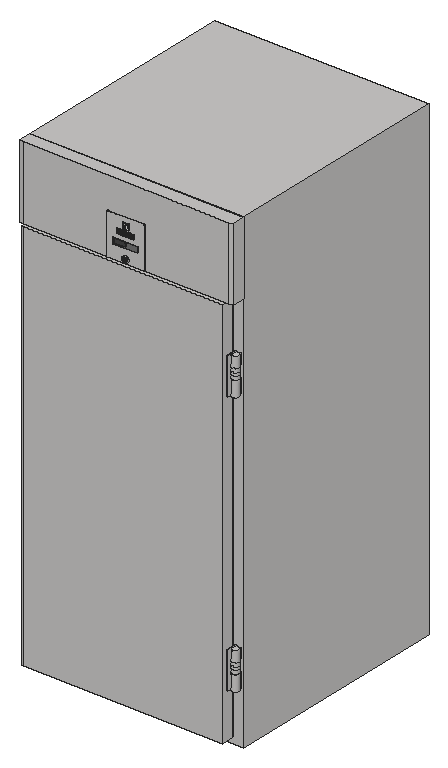
Revit family "QF_ELECTROLUXPROFESSIONAL_725101_RI16R1FR", category Specialty Equipment, Revit 2018
Family settings
  Round Connector Dimension = Use Diameter
  Part Type = Normal
  Work Plane-Based = No
  Always vertical = Yes
  Cut with Voids When Loaded = No
  Shared = No
  Room Calculation Point = No
Parameters (values of type "Standard")
  Weight = 180.00 kg
  Watts = 0 W
  Volts = 220 V
  URL Manufacturer = "http://professional.electrolux.com"
  URL = "http://professional.electrolux.com"
  Steam Supply Size = 0 mm
  Steam Supply Minimum Pressure = 0.0 Pa
  Steam Supply Maximum Pressure = 0.0 Pa
  Steam Pounds per Hour = 0
  Refrigeration Suction Line Size = 0.031 mm
  Refrigeration Liquid Line Size = 0.02 mm
  Refrigerant Compressor Remote = yes
  Manufacturer = "Electrolux Professional"
  Phase = 1
  Model = "RI16R1FR"
  Length Actual = 1021 mm  # constant formula
  Item Number = "725101"
  Hot Water Size = 0 mm
  Height Actual = 2273 mm  # constant formula
  HP = "0.3 HP"
  Gas Size = 0 mm
  Gas KW = 0
  Gas Input Pressure = 0 W
  Direct Waste Size = 0 mm
  Description = "1-DOOR ROLL-IN REFRIGERATOR 1600L +2°C/+10°C REMOTE"
  Depth Actual = 1175 mm  # constant formula
  Cycle = 60 Hz
  Condensate Return Size = 0 mm
  Compressed Air Volume = 0.0 L/s
  Compressed Air Size = 0 mm
  Compressed Air Pressure = 0.0 Pa
  Cold Water Size = 0 mm
  Accessory = yes
Types (2, lengths in mm): name | URL | Manufacturer | Phase | Model | Description
  (no name) | 0 | 0 | 0 | 0 | 0
  Standard | "http://professional.electrolux.com" | "Electrolux Professional" | 1 | "RI16R1FR" | "1-DOOR ROLL-IN REFRIGERATOR 1600L +2°C/+10°C REMOTE"
Values of the unnamed type that differ from the named types
  Volts = 0 V
  URL Manufacturer = ""
  Item Number = ""
  Cycle = 0 Hz
Reference planes
  plane 1 "Center (Front/Back)": y = 0
  plane 2: z = 0
  plane 3 "Center (Left/Right)": x = 0
  plane 4 "TOP": z = 2273
  plane 5 "FRONT": y = -587.5
  plane 6 "BACK": y = 587.5
  plane 7 "LEFT": x = -510.5
  plane 8 "RIGHT": x = 510.5
  plane 9 "ROy": y = -397.5
  plane 10 "RIy": y = -393.5
  plane 11 "ROx": x = 394.5
  plane 12 "RIx": x = 332.5
  plane 13 "ROz": z = 2054
Forms (mm)
  Extrusion 1, solid, material "QF_Finishes_Stainless Steel"
    sketch origin (0, 0, 0) x (1, 0, 0) y (0, 1, 0)
      loop
        line (-510.5, 587.5) -> (-510.5, -515.5) -> (510.5, -515.5) -> (510.5, 587.5) -> (-510.5, 587.5)
    from 0 to 2273
  Extrusion 2, solid
    sketch origin (0, 587.5, 1872) x (-1, 0, 0) y (0, 0, 1)
      loop
        circle (494.5, 306) r 10
    from 0 to 3.2
  Extrusion 3, solid, material "QF_Clearances", detail levels coarse
    sketch origin (0, 0, 0) x (1, 0, 0) y (0, 1, 0)
      loop
        line (-510.5, -587.5) -> (-510.5, 587.5) -> (510.5, 587.5) -> (510.5, -587.5) -> (560.5, -587.5) -> (560.5, 637.5) -> (-560.5, 637.5) -> (-560.5, -587.5) -> (-510.5, -587.5)
    from 0 to 2273
  Extrusion 4, solid, material "QF_Clearances", detail levels coarse
    sketch origin (0, 0, 2273) x (-1, 0, 0) y (0, -1, 0)
      loop
        line (560.5, -637.5) -> (560.5, 587.5) -> (-560.5, 587.5) -> (-560.5, -637.5) -> (560.5, -637.5)
    from 0 to 500
  Extrusion 5, void
    sketch origin (0, 587.5, 0) x (-1, 0, 0) y (0, 0, 1)
      loop
        line (450.5, 1865) -> (-450.5, 1865) -> (-450.5, 5) -> (450.5, 5) -> (450.5, 1865)
    from -59 to -1084
  Extrusion 6, solid, material "QF_Finishes_Stainless Steel"
    sketch origin (0, 0, 2273) x (-1, 0, 0) y (0, -1, 0)
      loop
        circle (-332.5, 393.5) r 3
    from -170 to -70
  Extrusion 7, solid, material "QF_Finishes_Stainless Steel"
    sketch origin (0, 0, 2273) x (-1, 0, 0) y (0, -1, 0)
      loop
        circle (-394.5, 397.5) r 4.76
    from -219 to -250
Cuts and joins
  joined: Extrusion 3, Extrusion 4
  Extrusion 5 cuts Extrusion 1
Lines and regions (mm)
  symbolic lines, style "QF_Clearances", detail levels coarse
    curve 1: line (-510.5, -587.5, 2273) -> (-560.5, -587.5, 2273)
    curve 2: line (-560.5, -587.5, 2273) -> (-560.5, 637.5, 2273)
    curve 3: line (-560.5, 637.5, 2273) -> (560.5, 637.5, 2273)
    curve 4: line (560.5, 637.5, 2273) -> (560.5, -587.5, 2273)
    curve 5: line (560.5, -587.5, 2273) -> (510.5, -587.5, 2273)
Dimensions and locks
  plane 6 "BACK" to plane 1 "Center (Front/Back)" to plane 5 "FRONT" = 587.5 mm, 587.5 mm
  equal spacing: plane 7 "LEFT", plane 3 "Center (Left/Right)", plane 8 "RIGHT"
  plane 7 "LEFT" to plane 8 "RIGHT" = 1021 mm
  plane 6 "BACK" to plane 5 "FRONT" = 1175 mm
  plane 4 "TOP" to plane 2 = 2273 mm
  equal spacing: plane 8 "RIGHT", plane 3 "Center (Left/Right)", plane 7 "LEFT"
  plane 6 "BACK" to nested 1 = 2123 mm
  cut or joined group of Extrusion 1, Extrusion 5 to cut or joined group of Extrusion 1, Extrusion 5 = 901 mm
  cut or joined group of Extrusion 1, Extrusion 5 to cut or joined group of Extrusion 1, Extrusion 5 = 1044 mm
  plane 6 "BACK" to plane 10 "RIy" = 981 mm
  plane 6 "BACK" to plane 9 "ROy" = 985 mm
  plane 12 "RIx" to plane 11 "ROx" = 62 mm
  cut or joined group of Extrusion 1, Extrusion 5 to plane 13 "ROz" = 219 mm
  cut or joined group of Extrusion 3, Extrusion 4 to plane 4 "TOP" = 500 mm
  nested 1 to cut or joined group of Extrusion 1, Extrusion 5 = 1169 mm
  cut or joined group of Extrusion 3, Extrusion 4 to cut or joined group of Extrusion 1, Extrusion 5 = 50 mm
  cut or joined group of Extrusion 3, Extrusion 4 to plane 7 "LEFT" = 50 mm
  cut or joined group of Extrusion 1, Extrusion 5 to cut or joined group of Extrusion 3, Extrusion 4 = 50 mm
  plane 4 "TOP" to plane 13 "ROz" = 219 mm
  plane 11 "ROx" to plane 8 "RIGHT" = 116 mm
  plane 8 "RIGHT" to plane 7 "LEFT" = 1021 mm
  aligned and locked: level to plane 2
Automatic sketch dimensions
  plane 7 "LEFT" to Extrusion 2 sketch curve = 16 mm
  Extrusion 4 sketch curve to plane 5 "FRONT" = 0 mm
  Extrusion 4 sketch curve to plane 8 "RIGHT" = 50 mm
  Extrusion 4 sketch curve to plane 7 "LEFT" = 50 mm
  plane 6 "BACK" to Extrusion 4 sketch curve = 50 mm
  Extrusion 1 sketch curve to plane 7 "LEFT" = 0 mm
  Extrusion 1 sketch curve to plane 8 "RIGHT" = 0 mm
  Extrusion 1 sketch curve to plane 6 "BACK" = 0 mm
  plane 5 "FRONT" to Extrusion 1 sketch curve = 72 mm
  Extrusion 2 sketch curve to plane 4 "TOP" = 95 mm
  Extrusion 3 sketch curve to plane 5 "FRONT" = 0 mm  (x2)
  Extrusion 3 sketch curve to plane 7 "LEFT" = 0 mm
  Extrusion 3 sketch curve to plane 6 "BACK" = 0 mm
  Extrusion 3 sketch curve to plane 8 "RIGHT" = 0 mm
  Extrusion 3 sketch curve to plane 7 "LEFT" = 50 mm
  Extrusion 3 sketch curve to plane 8 "RIGHT" = 50 mm
  plane 6 "BACK" to Extrusion 3 sketch curve = 50 mm
  level to Extrusion 5 sketch curve = 5 mm
  plane 8 "RIGHT" to Extrusion 5 sketch curve = 60 mm
  plane 7 "LEFT" to Extrusion 5 sketch curve = 60 mm
  Extrusion 5 sketch curve to plane 4 "TOP" = 408 mm
  Extrusion 6 sketch curve to plane 10 "RIy" = 0 mm
  Extrusion 6 sketch curve to plane 12 "RIx" = 0 mm
  curve 4 to plane 5 "FRONT" = 0 mm
  curve 5 to plane 8 "RIGHT" = 0 mm
  curve 1 to plane 5 "FRONT" = 0 mm
  curve 1 to plane 7 "LEFT" = 0 mm
  curve 4 to plane 8 "RIGHT" = 50 mm
  curve 2 to plane 7 "LEFT" = 50 mm
  plane 6 "BACK" to curve 4 = 50 mm
  Extrusion 7 sketch curve to plane 9 "ROy" = 0 mm
  Extrusion 7 sketch curve to plane 11 "ROx" = 0 mm
  radius of Extrusion 2 sketch curve = 10 mm
  radius of Extrusion 6 sketch curve = 3 mm
  radius of Extrusion 7 sketch curve = 4.76 mm
Nested families
  nested 1: "QF_725101_Door" at (0, -515.5, 1129.637) x (1, 0, 0) z (0, -1, 0), type "QF_725101_Door"
    with Show Clearance yes
  nested 2: "Refrigerator" at (370, -442.5, 110), type "Refrigerator"
Connectors
  electrical at (-494.5, 590.7, 2178), driven by "Volts"
    settings: on Extrusion 2, index 2, voltage 220 V, apparent load 0 VA, apparent load phase1 0 VA, apparent load phase2 0 VA, apparent load phase3 0 VA, power factor 1, load classification "Other", number of poles 1, system type 30, power factor state 1, is connector primary yes, connector utility no, sub classification motor no, connector description "Electrical Connection"
  piping at (332.5, -393.5, 2203), diameter 6
    settings: on Extrusion 6, index 3, connector inside diameter 609.6 mm, connector length 0 mm, flow factor 0, pipe flow 0.0 L/s, pressure drop 0.0 Pa, fitting loss kfactor 0, connector angle 0.00°, fixture units 0, engagement length 0 mm, angle of deflection 0.00°, flow configuration 1, flow direction 1, fitting loss method 0, system type 7, joint type 0, gender type 0, connector reference index -1, connector utility 0, adjustable connector no, is connector primary yes, connector description "Refrigerant Inlet"
  piping at (394.5, -397.5, 2054), diameter 9.5
    settings: on Extrusion 7, index 4, connector inside diameter 609.6 mm, connector length 0 mm, flow factor 0, pipe flow 0.0 L/s, pressure drop 0.0 Pa, fitting loss kfactor 0, connector angle 0.00°, fixture units 0, engagement length 0 mm, angle of deflection 0.00°, flow configuration 1, flow direction 2, fitting loss method 0, system type 8, joint type 0, gender type 0, connector reference index -1, connector utility 0, adjustable connector no, is connector primary no, connector description "Refrigerant Outlet"
Definition of nested family "QF_725101_Door"
  Parameters
    Show Clearance [instance] = yes
    Model = "725101"
    Default Elevation = 1219.2 mm
  Reference planes
    plane 1 "Center (Front/Back)": y = 6.863
    plane 2: z = 0
    plane 3 "Center (Left/Right)": x = 0
  Forms (mm)
    Extrusion 1, solid
      sketch origin (0, -919.2, 0) x (1, 0, 0) y (0, 1, 0)
        loop
          line (-1100, 2726.7) -> (-1100, -663.873) -> (1016.701, -663.873) -> (1016.701, 2726.7) -> (-1100, 2726.7)
      from 0 to -59.546
    Extrusion 2, solid
      sketch origin (0, 6.863, 0) x (1, 0, 0) y (0, 0, 1)
        loop
          line (-510.5, 60.667) -> (-510.5, 0) -> (510.5, 0) -> (510.5, 60.667) -> (490.5, 66) -> (-490.5, 66) -> (-510.5, 60.667)
      from -1136.5 to -786.5
    Extrusion 3, solid
      sketch origin (0, 6.863, 0) x (1, 0, 0) y (0, 0, 1)
        loop
          line (-498.5, 26) -> (-483.5, 26) -> (-483.5, 8) -> (-465.5, 8) -> (-465.5, 0) -> (457.5, 0) -> (457.5, 8) -> (461.5, 8) -> (461.5, 66) -> (-490.5, 66) -> (-498.5, 63.867) -> (-498.5, 26)
      from -775 to 1105
    Extrusion 4, solid, detail levels coarse
      sketch origin (154.5, 1013.369, -334) x (-1, 0, 0) y (0, 0, -1)
        loop
          line (-367, -352) -> (-367, -1354) -> (-329, -1354) -> (-329, -1332) -> (-311, -1332) -> (-311, -1314) -> (-303, -1314) -> (-303, -400) -> (-351, -400) -> (-351, -352) -> (-367, -352)
      from 2110.506 to 232.142
    Extrusion 5, solid, detail levels coarse
      sketch origin (171.5, 1121.732, -334) x (1, 0, 0) y (0, 0, 1)
        loop
          line (286, 400) -> (286, 1314) -> (294, 1314) -> (294, 1332) -> (312, 1332) -> (312, 1354)
          arc (312, 1354) -> (-379.974, 1081.719) -> (-677, 400) r 972.027
          line (-677, 400) -> (286, 400)
      from 2219.869 to 339.869
    Extrusion 6, solid
      sketch origin (-4, 6.863, 0) x (1, 0, 0) y (0, 0, 1)
        loop
          line (465.5, 46) -> (465.5, 0) -> (474.5, 0) -> (474.5, 46) -> (465.5, 46)
      from -550 to -375
    Extrusion 7, solid
      sketch origin (-4, 6.863, -15.333) x (1, 0, 0) y (0, 0, 1)
        loop
          arc (501.5, 23.843) -> (491.5, 52.333) -> (481.5, 23.843) r 16
          line (481.5, 23.843) -> (481.5, 15.333) -> (501.5, 15.333) -> (501.5, 23.843)
      from -500 to -550
    Extrusion 8, solid
      sketch origin (451.167, 6.863, 512.5) x (0, 0, -1) y (1, 0, 0)
        loop
          arc (501.5, 23.843) -> (491.5, 52.333) -> (481.5, 23.843) r 16
          line (481.5, 23.843) -> (481.5, 19.333) -> (501.5, 19.333) -> (501.5, 23.843)
      from -482 to -500
    Extrusion 9, solid
      sketch origin (-4, 6.863, -15.333) x (1, 0, 0) y (0, 0, 1)
        loop
          arc (501.5, 23.843) -> (491.5, 52.333) -> (481.5, 23.843) r 16
          line (481.5, 23.843) -> (481.5, 15.333) -> (501.5, 15.333) -> (501.5, 23.843)
      from -445 to -375
    Extrusion 10, solid
      sketch origin (451.167, 6.863, 512.5) x (0, 0, -1) y (1, 0, 0)
        loop
          arc (501.5, 23.843) -> (491.5, 52.333) -> (481.5, 23.843) r 16
          line (481.5, 23.843) -> (481.5, 19.333) -> (501.5, 19.333) -> (501.5, 23.843)
      from -469 to -482
    Extrusion 11, solid
      sketch origin (451.167, 6.863, 512.5) x (0, 0, -1) y (1, 0, 0)
        loop
          arc (501.5, 23.843) -> (491.5, 52.333) -> (481.5, 23.843) r 16
          line (481.5, 23.843) -> (481.5, 19.333) -> (501.5, 19.333) -> (501.5, 23.843)
      from -451 to -469
    Extrusion 12, solid
      sketch origin (-4, 6.863, 0) x (1, 0, 0) y (0, 0, 1)
        loop
          circle (491.5, 21) r 12
      from -451 to -445
    Extrusion 13, solid
      sketch origin (-4, -1252.773, 0) x (1, 0, 0) y (0, 0, 1)
        loop
          line (465.5, 46) -> (465.5, 0) -> (474.5, 0) -> (474.5, 46) -> (465.5, 46)
      from -550 to -375
    Extrusion 14, solid
      sketch origin (-4, -1252.773, -15.333) x (1, 0, 0) y (0, 0, 1)
        loop
          arc (501.5, 23.843) -> (491.5, 52.333) -> (481.5, 23.843) r 16
          line (481.5, 23.843) -> (481.5, 15.333) -> (501.5, 15.333) -> (501.5, 23.843)
      from -500 to -550
    Extrusion 15, solid
      sketch origin (451.167, -1252.773, 512.5) x (0, 0, -1) y (1, 0, 0)
        loop
          arc (501.5, 23.843) -> (491.5, 52.333) -> (481.5, 23.843) r 16
          line (481.5, 23.843) -> (481.5, 19.333) -> (501.5, 19.333) -> (501.5, 23.843)
      from -482 to -500
    Extrusion 16, solid
      sketch origin (-4, -1252.773, -15.333) x (1, 0, 0) y (0, 0, 1)
        loop
          arc (501.5, 23.843) -> (491.5, 52.333) -> (481.5, 23.843) r 16
          line (481.5, 23.843) -> (481.5, 15.333) -> (501.5, 15.333) -> (501.5, 23.843)
      from -445 to -375
    Extrusion 17, solid
      sketch origin (451.167, -1252.773, 512.5) x (0, 0, -1) y (1, 0, 0)
        loop
          arc (501.5, 23.843) -> (491.5, 52.333) -> (481.5, 23.843) r 16
          line (481.5, 23.843) -> (481.5, 19.333) -> (501.5, 19.333) -> (501.5, 23.843)
      from -469 to -482
    Extrusion 18, solid
      sketch origin (451.167, -1252.773, 512.5) x (0, 0, -1) y (1, 0, 0)
        loop
          arc (501.5, 23.843) -> (491.5, 52.333) -> (481.5, 23.843) r 16
          line (481.5, 23.843) -> (481.5, 19.333) -> (501.5, 19.333) -> (501.5, 23.843)
      from -451 to -469
    Extrusion 19, solid
      sketch origin (-4, -1252.773, 0) x (1, 0, 0) y (0, 0, 1)
        loop
          circle (491.5, 21) r 12
      from -451 to -445
  Lines and regions (mm)
    symbolic lines
      curve 1: line (-510.5, 6.863, 0) -> (-510.5, 6.863, 60.667)
      curve 2: line (510.5, 6.863, 0) -> (-510.5, 6.863, 0)
      curve 3: line (521.5, 6.863, 18) -> (521.5, 6.863, 1020)
      curve 4: line (457.5, 6.863, 66) -> (457.5, 6.863, 980)
      curve 5: line (521.5, 6.863, 1020) -> (483.5, 6.863, 1020)
      curve 6: line (483.5, 6.863, 998) -> (483.5, 6.863, 1020)
      curve 7: line (465.5, 6.863, 998) -> (483.5, 6.863, 998)
      curve 8: line (465.5, 6.863, 980) -> (465.5, 6.863, 998)
      curve 9: line (457.5, 6.863, 980) -> (465.5, 6.863, 980)
      curve 10: line (510.5, 6.863, 18) -> (521.5, 6.863, 18)
      curve 11: line (-490.5, 6.863, 66) -> (-510.5, 6.863, 60.667)
      curve 12: line (490.5, 6.863, 66) -> (-490.5, 6.863, 66)
      curve 13: line (510.5, 6.863, 60.667) -> (490.5, 6.863, 66)
      curve 14: line (510.5, 6.863, 60.667) -> (510.5, 6.863, 0)
      curve 15: arc (483.5, 6.863, 1020) -> (-208.474, 6.863, 747.719) -> (-505.5, 6.863, 66) r 972.027
  Dimensions and locks
    aligned and locked: plane 2 to Extrusion 1
    aligned and locked: level to Extrusion 1
  Nested families
    nested 1: "QF_DisplayNewRollCabinets_ELX" at (0, 893.363, 66), type "QF_DisplayNewRollCabinets_ELX"
      with Show Clearance yes
  Definition of nested family "QF_DisplayNewRollCabinets_ELX"
    Parameters
      Show Clearance [instance] = yes
      Model = "728658"
      Default Elevation = 1219.2 mm
    Reference planes
      plane 1 "Center (Front/Back)": y = 0
      plane 2: z = 0
      plane 3 "Center (Left/Right)": x = 0
    Forms (mm)
      Extrusion 1, solid
        sketch origin (0, -919.2, 0) x (1, 0, 0) y (0, 1, 0)
          loop
            line (-198.75, 1146.2) -> (-198.75, 709.567) -> (165.741, 709.567) -> (165.741, 1146.2) -> (-198.75, 1146.2)
        from 0 to -59.546
      Extrusion 2, solid
        sketch origin (-59, -79.611, 0) x (0, 1, 0) y (-1, 0, 0)
          loop
            circle (0.611, -59) r 14
          loop
            circle (0.611, -59) r 10
        from 1.6 to 6
      Extrusion 3, solid
        sketch origin (744.635, 285.889, 0) x (0, 1, 0) y (-1, 0, 0)
          loop
            circle (-364.889, 744.635) r 10
          loop
            circle (-364.889, 744.635) r 9
        from 1.6 to 6
      Extrusion 4, solid
        sketch origin (744.635, 285.889, 0) x (0, 1, 0) y (-1, 0, 0)
          loop
            circle (-364.889, 744.635) r 8.7
        from 1.6 to 6
      Extrusion 5, void
        sketch origin (744.635, 285.889, 0) x (0, 1, 0) y (-1, 0, 0)
          loop
            line (-372.339, 745.885) -> (-372.339, 743.385) -> (-362.339, 743.385) -> (-362.339, 745.885) -> (-372.339, 745.885)
        from 3 to 7
      Extrusion 6, solid
        sketch origin (0, 0, 0) x (1, 0, 0) y (0, 1, 0)
          loop
            arc (-90, -95) -> (-88.536, -98.536) -> (-85, -100) r 5
            line (-85, -100) -> (85, -100)
            arc (85, -100) -> (88.536, -98.536) -> (90, -95) r 5
            line (90, -95) -> (90, 95)
            arc (90, 95) -> (88.536, 98.536) -> (85, 100) r 5
            line (85, 100) -> (-85, 100)
            arc (-85, 100) -> (-88.536, 98.536) -> (-90, 95) r 5
            line (-90, 95) -> (-90, -95)
          loop
            line (-60, -3.798) -> (-60, -32.827) -> (60, -32.827) -> (60, -3.798) -> (-60, -3.798)
        from 0 to 1.6
      Extrusion 7, solid
        sketch origin (0, 0, 0) x (1, 0, 0) y (0, 1, 0)
          loop
            line (-60, -3.798) -> (-60, -32.827) -> (60, -32.827) -> (60, -3.798) -> (-60, -3.798)
          loop
            line (-56.428, -8.037) -> (-56.428, -28.331) -> (0, -28.331) -> (0, -8.037) -> (-56.428, -8.037)
        from 0 to 1.6
      Extrusion 8, solid
        sketch origin (0, 0, 0) x (1, 0, 0) y (0, 1, 0)
          loop
            line (-56.428, -8.037) -> (-56.428, -28.331) -> (0, -28.331) -> (0, -8.037) -> (-56.428, -8.037)
        from 0 to 1.6
      Extrusion 9, solid
        sketch origin (0, 0, 0) x (1, 0, 0) y (0, 1, 0)
          loop
            spline (-35.495, 30.517) -> (-35.679, 30.525) -> (-35.875, 30.55) -> (-36.078, 30.596) -> (-36.282, 30.665) -> (-36.483, 30.762) -> (-36.674, 30.888) -> (-36.851, 31.047) -> (-37.007, 31.242) -> (-37.138, 31.476) -> (-37.238, 31.752) -> (-37.302, 32.073) -> (-37.325, 32.443)
            line (-37.325, 32.443) -> (-37.325, 34.082) -> (-31.914, 34.082) -> (-31.914, 36.172) -> (-37.326, 36.172) -> (-37.326, 39.215) -> (-31.569, 39.215) -> (-31.569, 41.3) -> (-39.541, 41.3) -> (-39.541, 32.538)
            spline (-39.541, 32.538) -> (-39.521, 31.999) -> (-39.461, 31.491) -> (-39.359, 31.016) -> (-39.214, 30.575) -> (-39.026, 30.17) -> (-38.792, 29.803) -> (-38.513, 29.476) -> (-38.186, 29.19) -> (-37.811, 28.948) -> (-37.386, 28.75) -> (-36.91, 28.599) -> (-36.383, 28.497)
            line (-36.383, 28.497) -> (-35.513, 28.434) -> (-31.415, 28.434) -> (-31.415, 30.517) -> (-35.495, 30.517)
          loop
            line (-29.841, 35.221) -> (-29.841, 28.431) -> (-27.625, 28.431) -> (-27.625, 41.303) -> (-29.841, 41.303) -> (-29.841, 35.221)
          loop
            spline (-16.689, 32.543) -> (-16.674, 33.24) -> (-16.741, 33.914) -> (-16.887, 34.559) -> (-17.108, 35.168) -> (-17.403, 35.737) -> (-17.768, 36.257) -> (-18.2, 36.724) -> (-18.697, 37.131) -> (-19.255, 37.471) -> (-19.872, 37.739) -> (-20.545, 37.929) -> (-21.271, 38.033)
            spline (-21.271, 38.033) -> (-21.961, 37.993) -> (-22.617, 37.875) -> (-23.233, 37.682) -> (-23.805, 37.417) -> (-24.328, 37.083) -> (-24.797, 36.683) -> (-25.207, 36.219) -> (-25.554, 35.696) -> (-25.832, 35.116) -> (-26.036, 34.481) -> (-26.162, 33.795) -> (-26.206, 33.061)
            spline (-26.206, 33.061) -> (-26.164, 32.345) -> (-26.041, 31.676) -> (-25.841, 31.056) -> (-25.568, 30.489) -> (-25.226, 29.977) -> (-24.818, 29.524) -> (-24.348, 29.133) -> (-23.822, 28.805) -> (-23.241, 28.546) -> (-22.61, 28.357) -> (-21.934, 28.241) -> (-21.215, 28.202)
            spline (-21.215, 28.202) -> (-20.865, 28.21) -> (-20.518, 28.237) -> (-20.176, 28.283) -> (-19.837, 28.35) -> (-19.503, 28.441) -> (-19.173, 28.557) -> (-18.847, 28.699) -> (-18.525, 28.87) -> (-18.208, 29.07) -> (-17.895, 29.303) -> (-17.587, 29.569) -> (-17.283, 29.871)
            line (-17.283, 29.871) -> (-18.618, 31.17)
            spline (-18.618, 31.17) -> (-18.794, 31.001) -> (-18.971, 30.845) -> (-19.151, 30.704) -> (-19.334, 30.578) -> (-19.523, 30.465) -> (-19.72, 30.368) -> (-19.925, 30.284) -> (-20.141, 30.216) -> (-20.369, 30.163) -> (-20.61, 30.125) -> (-20.867, 30.102) -> (-21.141, 30.094)
            spline (-21.141, 30.094) -> (-21.542, 30.114) -> (-21.918, 30.172) -> (-22.268, 30.268) -> (-22.589, 30.399) -> (-22.881, 30.564) -> (-23.142, 30.762) -> (-23.37, 30.99) -> (-23.564, 31.248) -> (-23.721, 31.534) -> (-23.841, 31.846) -> (-23.921, 32.183) -> (-23.961, 32.543)
            line (-23.961, 32.543) -> (-16.689, 32.543)
          loop
            spline (-18.915, 34.101) -> (-18.937, 34.375) -> (-19, 34.638) -> (-19.101, 34.889) -> (-19.237, 35.124) -> (-19.407, 35.342) -> (-19.606, 35.538) -> (-19.833, 35.712) -> (-20.083, 35.859) -> (-20.355, 35.979) -> (-20.646, 36.067) -> (-20.952, 36.122) -> (-21.271, 36.141)
            spline (-21.271, 36.141) -> (-21.613, 36.123) -> (-21.943, 36.069) -> (-22.256, 35.981) -> (-22.552, 35.864) -> (-22.825, 35.717) -> (-23.075, 35.545) -> (-23.297, 35.35) -> (-23.49, 35.133) -> (-23.65, 34.897) -> (-23.774, 34.645) -> (-23.86, 34.379) -> (-23.905, 34.101)
            line (-23.905, 34.101) -> (-18.915, 34.101)
          loop
            spline (-13.301, 33.118) -> (-13.275, 33.53) -> (-13.201, 33.921) -> (-13.081, 34.288) -> (-12.918, 34.628) -> (-12.715, 34.938) -> (-12.475, 35.216) -> (-12.201, 35.459) -> (-11.896, 35.664) -> (-11.563, 35.828) -> (-11.205, 35.948) -> (-10.825, 36.023) -> (-10.425, 36.048)
            spline (-10.425, 36.048) -> (-10.18, 36.041) -> (-9.946, 36.018) -> (-9.721, 35.98) -> (-9.505, 35.928) -> (-9.298, 35.862) -> (-9.099, 35.782) -> (-8.908, 35.688) -> (-8.724, 35.581) -> (-8.547, 35.461) -> (-8.376, 35.329) -> (-8.211, 35.185) -> (-8.051, 35.028)
            line (-8.051, 35.028) -> (-6.678, 36.457)
            spline (-6.678, 36.457) -> (-6.951, 36.73) -> (-7.233, 36.975) -> (-7.522, 37.194) -> (-7.819, 37.386) -> (-8.123, 37.553) -> (-8.434, 37.695) -> (-8.751, 37.813) -> (-9.075, 37.908) -> (-9.404, 37.98) -> (-9.739, 38.031) -> (-10.08, 38.061) -> (-10.425, 38.07)
            spline (-10.425, 38.07) -> (-11.118, 38.028) -> (-11.781, 37.902) -> (-12.409, 37.698) -> (-12.996, 37.421) -> (-13.537, 37.075) -> (-14.024, 36.665) -> (-14.453, 36.196) -> (-14.817, 35.671) -> (-15.11, 35.097) -> (-15.327, 34.476) -> (-15.462, 33.815) -> (-15.508, 33.118)
            spline (-15.508, 33.118) -> (-15.462, 32.42) -> (-15.327, 31.759) -> (-15.11, 31.138) -> (-14.817, 30.564) -> (-14.453, 30.039) -> (-14.024, 29.57) -> (-13.537, 29.16) -> (-12.996, 28.814) -> (-12.409, 28.537) -> (-11.781, 28.333) -> (-11.118, 28.207) -> (-10.425, 28.165)
            spline (-10.425, 28.165) -> (-10.08, 28.174) -> (-9.739, 28.204) -> (-9.404, 28.255) -> (-9.075, 28.327) -> (-8.751, 28.422) -> (-8.434, 28.54) -> (-8.123, 28.682) -> (-7.819, 28.849) -> (-7.522, 29.041) -> (-7.233, 29.26) -> (-6.951, 29.505) -> (-6.678, 29.779)
            line (-6.678, 29.779) -> (-8.051, 31.207)
            spline (-8.051, 31.207) -> (-8.211, 31.05) -> (-8.376, 30.906) -> (-8.547, 30.774) -> (-8.724, 30.654) -> (-8.908, 30.547) -> (-9.099, 30.453) -> (-9.298, 30.373) -> (-9.505, 30.307) -> (-9.721, 30.255) -> (-9.946, 30.217) -> (-10.18, 30.194) -> (-10.425, 30.187)
            spline (-10.425, 30.187) -> (-10.825, 30.212) -> (-11.205, 30.287) -> (-11.563, 30.407) -> (-11.896, 30.571) -> (-12.201, 30.776) -> (-12.475, 31.019) -> (-12.715, 31.297) -> (-12.918, 31.607) -> (-13.081, 31.947) -> (-13.201, 32.314) -> (-13.275, 32.705) -> (-13.301, 33.118)
          loop
            spline (-1.029, 30.514) -> (-1.224, 30.511) -> (-1.433, 30.525) -> (-1.651, 30.562) -> (-1.872, 30.623) -> (-2.09, 30.713) -> (-2.301, 30.835) -> (-2.498, 30.992) -> (-2.675, 31.189) -> (-2.829, 31.429) -> (-2.952, 31.716) -> (-3.039, 32.053) -> (-3.086, 32.443)
            line (-3.086, 32.443) -> (-3.086, 35.726) -> (-1.07, 35.726) -> (-1.07, 37.739) -> (-3.083, 37.739) -> (-3.083, 41.303) -> (-5.299, 41.303) -> (-5.299, 32.317)
            spline (-5.299, 32.317) -> (-5.251, 31.795) -> (-5.165, 31.305) -> (-5.04, 30.847) -> (-4.875, 30.424) -> (-4.668, 30.037) -> (-4.418, 29.687) -> (-4.125, 29.377) -> (-3.788, 29.108) -> (-3.405, 28.881) -> (-2.975, 28.699) -> (-2.498, 28.562) -> (-1.972, 28.474)
            line (-1.972, 28.474) -> (-1.037, 28.431) -> (-1.029, 30.514)
          loop
            spline (6.427, 37.868) -> (6.044, 37.892) -> (5.675, 37.885) -> (5.321, 37.849) -> (4.984, 37.784) -> (4.663, 37.692) -> (4.362, 37.573) -> (4.079, 37.428) -> (3.817, 37.259) -> (3.576, 37.066) -> (3.358, 36.85) -> (3.163, 36.613) -> (2.992, 36.355)
            line (2.992, 36.355) -> (2.992, 37.739) -> (0.794, 37.739) -> (0.794, 28.431) -> (2.992, 28.431) -> (2.992, 33.325)
            spline (2.992, 33.325) -> (3.013, 33.696) -> (3.072, 34.042) -> (3.169, 34.362) -> (3.303, 34.653) -> (3.471, 34.915) -> (3.673, 35.147) -> (3.907, 35.346) -> (4.171, 35.513) -> (4.465, 35.644) -> (4.785, 35.74) -> (5.132, 35.799) -> (5.504, 35.818)
            line (5.504, 35.818) -> (6.427, 35.726) -> (6.427, 37.868)
          loop
            spline (16.924, 33.085) -> (16.877, 33.768) -> (16.743, 34.419) -> (16.525, 35.032) -> (16.231, 35.603) -> (15.866, 36.126) -> (15.437, 36.596) -> (14.949, 37.008) -> (14.409, 37.357) -> (13.823, 37.637) -> (13.196, 37.844) -> (12.535, 37.972) -> (11.845, 38.016)
            spline (11.845, 38.016) -> (11.152, 37.972) -> (10.488, 37.844) -> (9.86, 37.637) -> (9.273, 37.357) -> (8.733, 37.008) -> (8.246, 36.596) -> (7.818, 36.126) -> (7.455, 35.603) -> (7.163, 35.032) -> (6.946, 34.419) -> (6.812, 33.768) -> (6.766, 33.085)
            spline (6.766, 33.085) -> (6.812, 32.402) -> (6.946, 31.752) -> (7.163, 31.138) -> (7.455, 30.568) -> (7.818, 30.045) -> (8.246, 29.574) -> (8.733, 29.162) -> (9.273, 28.813) -> (9.86, 28.533) -> (10.488, 28.326) -> (11.152, 28.198) -> (11.845, 28.154)
            spline (11.845, 28.154) -> (12.535, 28.198) -> (13.196, 28.326) -> (13.823, 28.533) -> (14.409, 28.813) -> (14.949, 29.162) -> (15.437, 29.574) -> (15.866, 30.045) -> (16.231, 30.568) -> (16.525, 31.138) -> (16.743, 31.752) -> (16.877, 32.402) -> (16.924, 33.085)
          loop
            spline (14.726, 33.085) -> (14.7, 33.488) -> (14.625, 33.872) -> (14.504, 34.235) -> (14.34, 34.572) -> (14.136, 34.882) -> (13.895, 35.161) -> (13.62, 35.405) -> (13.315, 35.612) -> (12.981, 35.778) -> (12.623, 35.901) -> (12.244, 35.977) -> (11.845, 36.003)
            spline (11.845, 36.003) -> (11.443, 35.977) -> (11.061, 35.901) -> (10.702, 35.778) -> (10.368, 35.612) -> (10.063, 35.405) -> (9.789, 35.161) -> (9.549, 34.882) -> (9.346, 34.572) -> (9.184, 34.235) -> (9.064, 33.872) -> (8.99, 33.488) -> (8.965, 33.085)
            spline (8.965, 33.085) -> (8.99, 32.682) -> (9.064, 32.298) -> (9.184, 31.936) -> (9.346, 31.598) -> (9.549, 31.288) -> (9.789, 31.01) -> (10.063, 30.765) -> (10.368, 30.558) -> (10.702, 30.392) -> (11.061, 30.269) -> (11.443, 30.193) -> (11.845, 30.167)
            spline (11.845, 30.167) -> (12.244, 30.193) -> (12.623, 30.269) -> (12.981, 30.392) -> (13.315, 30.558) -> (13.62, 30.765) -> (13.895, 31.01) -> (14.136, 31.288) -> (14.34, 31.598) -> (14.504, 31.936) -> (14.625, 32.298) -> (14.7, 32.682) -> (14.726, 33.085)
          loop
            line (18.286, 35.443) -> (18.286, 28.431) -> (20.504, 28.431) -> (20.504, 41.303) -> (18.286, 41.303) -> (18.286, 35.443)
          loop
            line (28.496, 37.739) -> (28.496, 32.328)
            spline (28.496, 32.328) -> (28.478, 31.977) -> (28.426, 31.659) -> (28.342, 31.376) -> (28.228, 31.126) -> (28.085, 30.908) -> (27.916, 30.721) -> (27.723, 30.566) -> (27.508, 30.44) -> (27.273, 30.344) -> (27.019, 30.276) -> (26.748, 30.236) -> (26.464, 30.223)
            spline (26.464, 30.223) -> (26.18, 30.236) -> (25.909, 30.276) -> (25.656, 30.344) -> (25.42, 30.44) -> (25.205, 30.564) -> (25.012, 30.719) -> (24.843, 30.904) -> (24.701, 31.12) -> (24.587, 31.368) -> (24.503, 31.648) -> (24.451, 31.962) -> (24.433, 32.309)
            line (24.433, 32.309) -> (24.433, 37.739) -> (22.198, 37.739) -> (22.198, 32.125)
            spline (22.198, 32.125) -> (22.238, 31.488) -> (22.352, 30.91) -> (22.537, 30.388) -> (22.786, 29.923) -> (23.095, 29.514) -> (23.456, 29.16) -> (23.866, 28.863) -> (24.319, 28.62) -> (24.808, 28.432) -> (25.33, 28.298) -> (25.877, 28.218) -> (26.446, 28.191)
            spline (26.446, 28.191) -> (27.019, 28.218) -> (27.571, 28.299) -> (28.097, 28.435) -> (28.591, 28.626) -> (29.047, 28.872) -> (29.46, 29.174) -> (29.825, 29.532) -> (30.136, 29.947) -> (30.387, 30.419) -> (30.574, 30.948) -> (30.69, 31.535) -> (30.729, 32.18)
            line (30.729, 32.18) -> (30.729, 37.739) -> (28.496, 37.739)
          loop
            line (39.115, 31.408) -> (37.717, 33.362) -> (39.448, 35.719) -> (40.93, 37.739) -> (38.511, 37.739) -> (36.497, 34.95) -> (34.466, 37.739) -> (32.065, 37.739) -> (33.442, 35.856) -> (35.279, 33.344) -> (33.354, 30.663) -> (31.751, 28.431) -> (34.134, 28.431) -> (36.497, 31.719) -> (38.861, 28.431) -> (41.244, 28.431) -> (39.115, 31.408)
          loop
            line (-38.295, 23.783) -> (-40.009, 23.783) -> (-40.009, 19.333) -> (-39.095, 19.333) -> (-39.095, 20.841) -> (-38.295, 20.841)
            arc (-38.295, 20.841) -> (-36.824, 22.312) -> (-38.295, 23.783) r 1.471
          loop
            arc (-38.234, 21.69) -> (-37.702, 22.312) -> (-38.234, 22.934) r 0.63
            line (-38.234, 22.934) -> (-39.095, 22.934) -> (-39.095, 21.69) -> (-38.234, 21.69)
          loop
            line (-31.313, 23.783) -> (-33.058, 23.783) -> (-33.058, 19.333) -> (-32.144, 19.333) -> (-32.144, 20.866) -> (-31.349, 20.866) -> (-30.568, 19.333) -> (-29.53, 19.333) -> (-30.598, 21.091)
            arc (-30.598, 21.091) -> (-30.04, 21.611) -> (-29.845, 22.348) r 1.374
            arc (-29.845, 22.348) -> (-30.287, 23.365) -> (-31.313, 23.783) r 1.469
          loop
            line (-31.332, 22.942) -> (-32.144, 22.942) -> (-32.144, 21.7) -> (-31.332, 21.7)
            arc (-31.332, 21.7) -> (-30.827, 22.321) -> (-31.332, 22.942) r 0.634
          loop
            circle (-23.849, 21.558) r 2.311
          loop
            circle (-23.849, 21.558) r 1.467
          loop
            line (-17.711, 23.783) -> (-17.711, 19.333) -> (-16.796, 19.333) -> (-16.796, 21.162) -> (-15.122, 21.162) -> (-15.122, 22.003) -> (-16.796, 22.003) -> (-16.796, 22.942) -> (-14.961, 22.942) -> (-14.961, 23.783) -> (-17.711, 23.783)
          loop
            line (-11.187, 23.783) -> (-11.187, 20.776)
            arc (-11.187, 20.776) -> (-10.776, 19.757) -> (-9.763, 19.333) r 1.424
            line (-9.763, 19.333) -> (-8.326, 19.333) -> (-8.326, 20.174) -> (-9.388, 20.174)
            arc (-9.388, 20.174) -> (-10.074, 20.494) -> (-10.272, 21.224) r 0.897
            line (-10.272, 21.224) -> (-8.492, 21.224) -> (-8.492, 22.065) -> (-10.272, 22.065) -> (-10.272, 22.942) -> (-8.369, 22.942) -> (-8.369, 23.783) -> (-11.187, 23.783)
          loop
            line (-2.341, 22.616) -> (-1.684, 23.067)
            arc (-1.684, 23.067) -> (-2.293, 23.661) -> (-3.121, 23.857) r 1.593
            arc (-3.121, 23.857) -> (-3.842, 23.672) -> (-4.423, 23.206) r 1.765
            arc (-4.423, 23.206) -> (-4.501, 22.623) -> (-4.383, 22.046) r 1.775
            arc (-4.383, 22.046) -> (-3.986, 21.617) -> (-3.47, 21.346) r 1.724
            arc (-3.47, 21.346) -> (-3.071, 21.188) -> (-2.688, 20.994) r 4.507
            arc (-2.688, 20.994) -> (-2.464, 20.43) -> (-2.973, 20.098) r 0.479
            arc (-2.973, 20.098) -> (-3.616, 20.315) -> (-4.111, 20.78) r 1.593
            line (-4.111, 20.78) -> (-4.81, 20.341)
            arc (-4.81, 20.341) -> (-4.533, 19.884) -> (-4.129, 19.534) r 1.711
            arc (-4.129, 19.534) -> (-3.616, 19.315) -> (-3.061, 19.259) r 1.845
            arc (-3.061, 19.259) -> (-2.375, 19.396) -> (-1.757, 19.724) r 2.41
            arc (-1.757, 19.724) -> (-1.484, 20.45) -> (-1.625, 21.213) r 1.447
            arc (-1.625, 21.213) -> (-1.929, 21.564) -> (-2.319, 21.818) r 1.678
            arc (-2.319, 21.818) -> (-2.811, 22.038) -> (-3.316, 22.227) r 8.836
            arc (-3.316, 22.227) -> (-3.607, 22.681) -> (-3.186, 23.017) r 0.402
            arc (-3.186, 23.017) -> (-2.717, 22.913) -> (-2.341, 22.616) r 1.07
          loop
            line (9.023, 23.783) -> (9.023, 19.333) -> (9.938, 19.333) -> (9.938, 23.783) -> (9.023, 23.783)
          loop
            circle (16.107, 21.558) r 1.384
          loop
            circle (16.107, 21.558) r 2.311
          loop
            line (22.245, 19.333) -> (23.169, 19.333) -> (23.169, 22.131) -> (25.205, 19.333) -> (26.094, 19.333) -> (26.094, 23.783) -> (25.17, 23.783) -> (25.17, 20.9) -> (23.135, 23.783) -> (22.245, 23.783) -> (22.245, 19.333)
          loop
            line (30.707, 19.333) -> (31.141, 20.293) -> (32.787, 20.293) -> (33.22, 19.333) -> (34.204, 19.333) -> (31.937, 23.783) -> (29.725, 19.333) -> (30.707, 19.333)
          loop
            line (31.964, 22.119) -> (31.552, 21.206) -> (32.376, 21.206) -> (31.964, 22.119)
          loop
            line (38.748, 20.174) -> (38.748, 23.783) -> (37.833, 23.783) -> (37.833, 19.333) -> (40.459, 19.333) -> (40.459, 20.174) -> (38.748, 20.174)
          loop
            line (-14.216, 47.398) -> (14.216, 47.398) -> (14.216, 75.792) -> (-14.216, 75.792) -> (-14.216, 47.398)
          loop
            line (3.797, 74.398) -> (3.797, 48.85)
            arc (3.797, 48.85) -> (13.241, 61.624) -> (3.797, 74.398) r 13.361
          loop
            line (2.497, 72.548) -> (2.497, 74.398)
            arc (2.497, 74.398) -> (-8.128, 71.983) -> (-13.247, 62.364) r 13.094
            line (-13.247, 62.364) -> (-9.02, 62.364)
            arc (-9.02, 62.364) -> (-1.469, 65.429) -> (2.497, 72.548) r 12.273
          loop
            arc (-13.247, 60.883) -> (-8.136, 51.185) -> (2.497, 48.522) r 13.436
            line (2.497, 48.522) -> (2.497, 50.7)
            arc (2.497, 50.7) -> (-1.469, 57.818) -> (-9.02, 60.883) r 12.273
            line (-9.02, 60.883) -> (-13.247, 60.883)
          loop
            line (4.381, 22.616) -> (5.039, 23.067)
            arc (5.039, 23.067) -> (4.429, 23.661) -> (3.601, 23.857) r 1.593
            arc (3.601, 23.857) -> (2.88, 23.672) -> (2.299, 23.206) r 1.765
            arc (2.299, 23.206) -> (2.221, 22.623) -> (2.339, 22.046) r 1.775
            arc (2.339, 22.046) -> (2.736, 21.617) -> (3.252, 21.346) r 1.724
            arc (3.252, 21.346) -> (3.651, 21.188) -> (4.034, 20.994) r 4.507
            arc (4.034, 20.994) -> (4.258, 20.43) -> (3.75, 20.098) r 0.479
            arc (3.75, 20.098) -> (3.106, 20.315) -> (2.611, 20.78) r 1.593
            line (2.611, 20.78) -> (1.912, 20.341)
            arc (1.912, 20.341) -> (2.189, 19.884) -> (2.594, 19.534) r 1.711
            arc (2.594, 19.534) -> (3.106, 19.315) -> (3.661, 19.259) r 1.845
            arc (3.661, 19.259) -> (4.347, 19.396) -> (4.965, 19.724) r 2.41
            arc (4.965, 19.724) -> (5.238, 20.45) -> (5.097, 21.213) r 1.447
            arc (5.097, 21.213) -> (4.793, 21.564) -> (4.403, 21.818) r 1.678
            arc (4.403, 21.818) -> (3.911, 22.038) -> (3.406, 22.227) r 8.836
            arc (3.406, 22.227) -> (3.115, 22.681) -> (3.536, 23.017) r 0.402
            arc (3.536, 23.017) -> (4.005, 22.913) -> (4.381, 22.616) r 1.07
        from 1.6 to 3.2
      Extrusion 10, solid
        sketch origin (0, 0, 0) x (1, 0, 0) y (0, 1, 0)
          loop
            line (1.25, -86.45) -> (1.25, -76.45) -> (-1.25, -76.45) -> (-1.25, -86.45) -> (1.25, -86.45)
        from 1.6 to 6
    Cuts and joins
      Extrusion 5 cuts Extrusion 4
    Lines and regions (mm)
      symbolic lines
        curve 1: line (52.518, 0, 4) -> (-53.037, 0, 4)
        curve 2: line (40, 0, 4) -> (40, 0, 6)
        curve 3: line (40, 0, 6) -> (-40, 0, 6)
        curve 4: line (-40, 0, 6) -> (-40, 0, 4)
        curve 5: line (-64.765, 0, 0) -> (-53.037, 0, 4)
        curve 6: line (52.518, 0, 4) -> (64.135, 0, 0)
    Dimensions and locks
      aligned and locked: plane 2 to Extrusion 1
      aligned and locked: level to Extrusion 1
Definition of nested family "Refrigerator"
  Reference planes
    plane 1 "Center (Front/Back)": y = 0
    plane 2: z = 0
    plane 3 "Center (Left/Right)": x = 0
  Lines and regions (mm)
    detail lines, in view "Ref. Level"
      curve 1: spline (-500, 190, 0) -> (-493.185, 166.706, 0) -> (-473.205, 145, 0) -> (-441.421, 126.36, 0) -> (-400, 112.058, 0) -> (-351.764, 103.067, 0) -> (-300, 100, 0) -> (-248.236, 103.067, 0) -> (-200, 112.058, 0) -> (-158.579, 126.36, 0) -> (-126.795, 145, 0) -> (-106.815, 166.706, 0) -> (-100, 190, 0) -> (-106.815, 213.294, 0) -> (-126.795, 235, 0) -> (-158.579, 253.64, 0) -> (-200, 267.942, 0) -> (-248.236, 276.933, 0) -> (-300, 280, 0) -> (-351.764, 276.933, 0) -> (-400, 267.942, 0) -> (-441.421, 253.64, 0) -> (-473.205, 235, 0) -> (-493.185, 213.294, 0) -> (-500, 190, 0)
      curve 2: line (-300, 130, 0) -> (-300, 250, 0)
      curve 3: line (-351.962, 220, 0) -> (-248.038, 160, 0)
      curve 4: line (-351.962, 160, 0) -> (-248.038, 220, 0)
      curve 5: line (-280.884, 246.873, 0) -> (-300, 225, 0)
      curve 6: line (-300, 225, 0) -> (-319.116, 246.873, 0)
      curve 7: line (-330.311, 207.5, 0) -> (-339.696, 234.992, 0)
      curve 8: line (-358.812, 201.882, 0) -> (-330.311, 207.5, 0)
      curve 9: line (-330.311, 172.5, 0) -> (-358.812, 178.118, 0)
      curve 10: line (-339.696, 145.008, 0) -> (-330.311, 172.5, 0)
      curve 11: line (-300, 155, 0) -> (-319.116, 133.127, 0)
      curve 12: line (-280.884, 133.127, 0) -> (-300, 155, 0)
      curve 13: line (-269.689, 172.5, 0) -> (-260.304, 145.008, 0)
      curve 14: line (-241.188, 178.118, 0) -> (-269.689, 172.5, 0)
      curve 15: line (-269.689, 207.5, 0) -> (-241.188, 201.882, 0)
      curve 16: line (-260.304, 234.992, 0) -> (-269.689, 207.5, 0)
